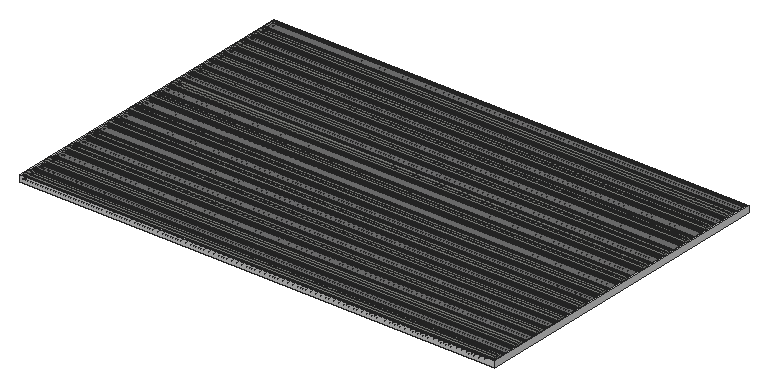
Revit family "Flooring_Entrance_Fuma_TopCleanTrend-With-Ribbed-Carpet-And-Cassette-Brush_INT", category Allgemeines Modell, Revit 2018
Family settings
  Kann Basisbauteil für Bewehrung sein = Nein
  Bemaßung runder Anschluss = Durchmesser verwenden
  Teiletyp = Normal
  Arbeitsebenenbasiert = Nein
  Immer vertikal = Ja
  Beim Laden mit Abzugskörper schneiden = Nein
  Gemeinsam genutzt = Nein
  Raumberechnungspunkt = Nein
Parameters (values of type "Thickness 10 mm")
  Width of the frame profile = (Profile width + Distance between profiles 4 6 or 8mm) / 2  # 16.5 mm
  Width of the carpet = 800 mm
  Width of the actual carpet = if(Width of the carpet < Minimum Width RFA, Minimum Width RFA, if(Width of the carpet > Maximum Width RFA, Maximum Width RFA, Width of the carpet))  # 800 mm
  Thin deniers = no
  Thickness of the frame profile = 3 mm  # constant formula
  Thickness of the carpet = 10 mm
  Telephone = " +49 7248 450 73 0\r\n"  # constant formula
  Technical data link = "https://www.fuma.com/produkte/eingangsmatten/aluprofilmatten/top-clean-trend"
  Start of brush = Adjusted repetition / 2  # 33.267 mm
  Rubber = Rubber - Fuma - Black
  Ribbed Carpet = Polypropylene - Fuma - Ribbed Carpet
  Profile width = 27 mm
  ProductInformation = "Recommended for fully covered entrance areas in commercial or residential use where excellent absorption of moisture and removal of dirt is of prime importance. Made to measure, rollable and easy to clean"
  Product avaibility = "worldwide"  # constant formula
  Number of actual profiles = rounddown(Width of the actual carpet / Attempted repetition)  # 12
  Model number = "12225 RP"
  Minimum Width RFA = 300 mm  # constant formula
  Minimum Length RFA = 300 mm  # constant formula
  Maximum Width RFA = 10000 mm  # constant formula
  Maximum Length RFA = 10000 mm  # constant formula
  Maximal Load = "3.000 kg"
  Manufacturer Country = "Germany"  # constant formula
  Length of the carpet = 1200 mm
  Large Deniers = yes
  Frame height = 15 mm
  Frame Material = "aluminium or stainless steel"
  Edition number = 1
  Distance of profile = 10.2 mm
  Distance between profiles 4 6 or 8mm = 6 mm
  Distance adjustment = (Width of the actual carpet - (Number of actual profiles * Attempted repetition)) / Number of actual profiles * 0.8  # 0.533 mm
  Depth of carpet = 2.8 mm
  Color = "Colours Ribbed Carpet: - 010 anthracite - 020 light-grey  - 030 mottled-beige - 040 mottled-blue - special colours on inquiry - Colours Cassette Brush: - black - grey"
  Cassette Brush = Polyamide - Fuma - Cassette Brush
  URL = "https://www.fuma.com/"
  Type Comments = ""
  Modell = "TopCleanTrend® with Ribbed Carpet and Cassette Brush"
  Hersteller = "fuma Hauszubehör GmbH"  # constant formula
  Profile = Aluminum - Fuma - Grey
  E-mail = "info@fuma.com"  # constant formula
  Description = ""
  Attempted repetition = 2 * (Profile width + Distance between profiles 4 6 or 8mm)  # 66 mm
  Adjusted repetition = Attempted repetition + Distance adjustment  # 66.533 mm
  Address = "Reutäckerstraße 9, 76307 Karlsbad, DE"  # constant formula
  Actual width = Number of actual profiles * Adjusted repetition + 2 mm  # 800.4 mm
  Actual length = Actual carpet length - (Thickness of the frame profile + 2 mm) * 2  # 1190 mm
  Actual carpet length = if(Length of the carpet < Minimum Length RFA, Minimum Length RFA, if(Length of the carpet > Maximum Length RFA, Maximum Length RFA, Length of the carpet))  # 1200 mm
Types (4, lengths in mm): name | Thickness of the carpet | Frame height | Edition number | Distance of profile | Depth of carpet
  Thickness 27 mm | 27 | 30 | 2 | 23 | 5
  Thickness 22 mm | 22 | 25 | 1 | 18 | 5
  Thickness 10 mm | 10 | 15 | 1 | 10.2 | 2.8
  Thickness 17 mm | 17 | 20 | 1 | 13.5 | 3
Reference planes
  plane 1 "Center (Front/Back)": y = 0
  plane 2: z = 0
  plane 3 "Center (Left/Right)": x = 0
  plane 4: y = 800
  plane 5: x = 1200
Forms (mm)
  Sweep 1, solid, material "Aluminum - Fuma - Grey" <- "Profile"
    path origin (0, 0, 0) x (1, 0, 0) y (0, 1, 0)
      loop
        line (0, 800) -> (0, 0) -> (1200, 0) -> (1200, 800) -> (0, 800)
    profile origin (600, 800, 0) x (0, 1, 0) y (0, 0, 1)
      loop
        line (0, -3) -> (0, 12) -> (-3, 12) -> (-3, 0) -> (-16.5, 0) -> (-16.5, -3) -> (0, -3)
Dimensions and locks
  equal spacing: group 1, group 2, group 3, group 4, group 9, group 10, group 11, group 12, group 13, group 14, group 15, group 16  (x3)
  "Actual carpet length": plane 5 to plane 3 "Center (Left/Right)"
  "Width of the actual carpet": plane 4 to plane 1 "Center (Front/Back)"
  "Thickness of the frame profile": Sweep 1 sketch curve to Sweep 1 sketch curve  (x2)
  "Frame height": Sweep 1 sketch curve to Sweep 1 sketch curve
  "Width of the frame profile": Sweep 1 sketch curve to Sweep 1 sketch curve
  locked: plane 1 "Center (Front/Back)" to nested 1 at 4
  "Adjusted repetition": nested 1 to nested 2
  equal spacing: group 5, group 6, group 7, group 8, group 17, group 18, group 19, group 20, group 21, group 22, group 23, group 24  (x3)
  "Adjusted repetition": nested 6 to nested 5
  "Start of brush": nested 5 to nested 1
  aligned and locked: Sweep 1 sketch curve to plane 5
  aligned and locked: plane 3 "Center (Left/Right)" to Sweep 1 sketch curve
  aligned and locked: Sweep 1 sketch curve to plane 4
  aligned and locked: Sweep 1 sketch curve to plane 1 "Center (Front/Back)"
Automatic sketch dimensions
  Sweep 1 sketch curve to level = 0 mm
  Sweep 1 sketch curve to profile plane = 0 mm
Nested families
  nested 1: "Ribbed Carpet" at (4, 17.472, 0), type "Ribbed Carpet"
  nested 2: "Ribbed Carpet" at (4, 84.005, 0), type "Ribbed Carpet"
  nested 3: "Ribbed Carpet" at (4, 150.539, 0), type "Ribbed Carpet"
  nested 4: "Ribbed Carpet" at (4, 217.072, 0), type "Ribbed Carpet"
  nested 5: "Cassette Brush" at (4, 50.739, 0), type "Cassette Brush"
  nested 6: "Cassette Brush" at (4, 117.272, 0), type "Cassette Brush"
  nested 7: "Cassette Brush" at (4, 183.805, 0), type "Cassette Brush"
  nested 8: "Cassette Brush" at (4, 250.339, 0), type "Cassette Brush"
  nested 9: "Ribbed Carpet" at (4, 283.605, 0), type "Ribbed Carpet"
  nested 10: "Ribbed Carpet" at (4, 350.139, 0), type "Ribbed Carpet"
  nested 11: "Ribbed Carpet" at (4, 416.672, 0), type "Ribbed Carpet"
  nested 12: "Ribbed Carpet" at (4, 483.205, 0), type "Ribbed Carpet"
  nested 13: "Ribbed Carpet" at (4, 549.739, 0), type "Ribbed Carpet"
  nested 14: "Ribbed Carpet" at (4, 616.272, 0), type "Ribbed Carpet"
  nested 15: "Ribbed Carpet" at (4, 682.805, 0), type "Ribbed Carpet"
  nested 16: "Ribbed Carpet" at (4, 749.339, 0), type "Ribbed Carpet"
  nested 17: "Cassette Brush" at (4, 316.872, 0), type "Cassette Brush"
  nested 18: "Cassette Brush" at (4, 383.405, 0), type "Cassette Brush"
  nested 19: "Cassette Brush" at (4, 449.939, 0), type "Cassette Brush"
  nested 20: "Cassette Brush" at (4, 516.472, 0), type "Cassette Brush"
  nested 21: "Cassette Brush" at (4, 583.005, 0), type "Cassette Brush"
  nested 22: "Cassette Brush" at (4, 649.539, 0), type "Cassette Brush"
  nested 23: "Cassette Brush" at (4, 716.072, 0), type "Cassette Brush"
  nested 24: "Cassette Brush" at (4, 782.605, 0), type "Cassette Brush"
Definition of nested family "Ribbed Carpet"
  Parameters (values of type "Top Clean Profile")
    Trend 42 = Hauteur = 42 mm  # no
    Trend 27 = Hauteur = 27 mm  # no
    Trend 22 = Hauteur = 22 mm  # no
    Trend 17 = Hauteur = 17 mm  # no
    Trend 13 = Hauteur = 13 mm  # no
    Trend 10 = Hauteur = 10 mm  # yes
    URL = "https://www.geggus.fr/"
    Profondeur Tapis = 2.8 mm
    Model = "Top Clean TREND®"
    Manufacturer = "Geggus"
    Longueur = 1190 mm
    Profile = none
    Hauteur = 10 mm
    Gros deniers = yes
    Fins deniers = no
    Distance profil = 10.2 mm
    Caoutchouc = none
    Brosse = none
  Reference planes
    plane 1 "Center (Front/Back)": y = 0
    plane 2: z = 0
    plane 3 "Center (Left/Right)": x = 0
    plane 4: z = 10.2
    plane 5: z = 7.4
    plane 6: z = 7.4
    plane 7: z = 10.2
  Forms (mm)
    Extrusion 1, solid, material <- "Profile", visible <- "Trend 17"
      sketch origin (0, 0, 0) x (0, 1, 0) y (0, 0, 1)
        loop
          line (12.528, 9.5) -> (-12.472, 9.5) -> (-12.472, 6.7) -> (12.528, 6.7) -> (12.528, 9.5)
        loop
          line (12.028, 10.5) -> (-11.972, 10.5) -> (-11.972, 13.5) -> (-10.982, 13.5) -> (-10.982, 14.5) -> (-13.472, 14.5) -> (-13.472, 2) -> (-11.175, 2) -> (-11.175, 3) -> (-12.472, 3) -> (-12.472, 5.5) -> (-7.372, 5.5) -> (-7.372, 3) -> (-8.681, 3) -> (-8.681, 2) -> (-6.372, 2) -> (-6.372, 5.5) -> (6.428, 5.5) -> (6.428, 2) -> (8.737, 2) -> (8.737, 3) -> (7.428, 3) -> (7.428, 5.5) -> (12.528, 5.5) -> (12.528, 3) -> (11.231, 3) -> (11.231, 2) -> (13.528, 2) -> (13.528, 14.5) -> (11.038, 14.5) -> (11.038, 13.5) -> (12.028, 13.5) -> (12.028, 10.5)
      from 0 to 1190 <- "Longueur"
    Extrusion 2, solid, material <- "Caoutchouc"
      sketch origin (0, -9.881, 7.713) x (0, -1, 0) y (0, 0, -1)
        loop
          line (1.319, 5.713) -> (2.983, 5.713)
          arc (2.983, 5.713) -> (3.327, 5.932) -> (3.274, 6.337) r 0.38
          line (3.274, 6.337) -> (2.119, 7.713) -> (-1.881, 7.713) -> (-3.035, 6.337)
          arc (-3.035, 6.337) -> (-3.088, 5.932) -> (-2.744, 5.713) r 0.38
          line (-2.744, 5.713) -> (-1.081, 5.713) -> (-1.081, 4.76) -> (-1.866, 4.377)
          arc (-1.866, 4.377) -> (-2.114, 3.98) -> (-1.866, 3.583) r 0.442
          line (-1.866, 3.583) -> (-0.765, 3.046)
          arc (-0.765, 3.046) -> (0.119, 2.842) -> (1.004, 3.046) r 2.019
          line (1.004, 3.046) -> (2.105, 3.583)
          arc (2.105, 3.583) -> (2.353, 3.98) -> (2.105, 4.377) r 0.442
          line (2.105, 4.377) -> (1.319, 4.76) -> (1.319, 5.713)
        loop
          line (-21.081, 5.713) -> (-21.081, 4.76) -> (-21.866, 4.377)
          arc (-21.866, 4.377) -> (-22.114, 3.98) -> (-21.866, 3.583) r 0.442
          line (-21.866, 3.583) -> (-20.765, 3.046)
          arc (-20.765, 3.046) -> (-19.881, 2.842) -> (-18.996, 3.046) r 2.019
          line (-18.996, 3.046) -> (-17.895, 3.583)
          arc (-17.895, 3.583) -> (-17.647, 3.98) -> (-17.895, 4.377) r 0.442
          line (-17.895, 4.377) -> (-18.681, 4.76) -> (-18.681, 5.713) -> (-17.017, 5.713)
          arc (-17.017, 5.713) -> (-16.673, 5.932) -> (-16.726, 6.337) r 0.38
          line (-16.726, 6.337) -> (-17.881, 7.713) -> (-21.881, 7.713) -> (-23.035, 6.337)
          arc (-23.035, 6.337) -> (-23.088, 5.932) -> (-22.744, 5.713) r 0.38
          line (-22.744, 5.713) -> (-21.081, 5.713)
      from 0 to 1190 <- "Longueur"
    Extrusion 3, solid, material <- "Brosse", visible <- "Gros deniers"
      sketch origin (0, 0.264, 37.152) x (0, 1, 0) y (0, 0, 1)
        loop
          arc (11.75, -27.533) -> (11.58, -27.122) -> (11.169, -26.952) r 0.581
          line (11.169, -26.952) -> (9.75, -26.952) -> (9.992, -26.206)
          arc (9.992, -26.206) -> (7.6, -22.913) -> (5.208, -26.206) r 2.516
          line (5.208, -26.206) -> (5.45, -26.952) -> (1.89, -26.952) -> (2.132, -26.206)
          arc (2.132, -26.206) -> (-0.26, -22.913) -> (-2.652, -26.206) r 2.516
          line (-2.652, -26.206) -> (-2.41, -26.952) -> (-5.95, -26.952) -> (-5.708, -26.206)
          arc (-5.708, -26.206) -> (-8.1, -22.913) -> (-10.492, -26.206) r 2.516
          line (-10.492, -26.206) -> (-10.25, -26.952) -> (-11.607, -26.952)
          arc (-11.607, -26.952) -> (-12.062, -27.14) -> (-12.25, -27.595) r 0.643
          line (-12.25, -27.595) -> (-12.25, -29.149)
          arc (-12.25, -29.149) -> (-12.073, -29.576) -> (-11.647, -29.752) r 0.603
          line (-11.647, -29.752) -> (11.12, -29.752)
          arc (11.12, -29.752) -> (11.566, -29.568) -> (11.75, -29.122) r 0.63
          line (11.75, -29.122) -> (11.75, -27.533)
      from 0 to 1190 <- "Longueur"
    Extrusion 4, solid, material <- "Brosse", visible <- "Fins deniers"
      sketch origin (0, 0.014, 25.086) x (0, 1, 0) y (0, 0, 1)
        loop
          line (11.75, -14.886) -> (10.022, -14.886) -> (10.288, -13.376)
          arc (10.288, -13.376) -> (8.35, -10.881) -> (6.412, -13.376) r 2
          line (6.412, -13.376) -> (6.678, -14.886) -> (4.472, -14.886) -> (4.738, -13.376)
          arc (4.738, -13.376) -> (2.8, -10.881) -> (0.862, -13.376) r 2
          line (0.862, -13.376) -> (1.128, -14.886) -> (-1.128, -14.886) -> (-0.862, -13.376)
          arc (-0.862, -13.376) -> (-2.8, -10.881) -> (-4.738, -13.376) r 2
          line (-4.738, -13.376) -> (-4.472, -14.886) -> (-6.678, -14.886) -> (-6.412, -13.376)
          arc (-6.412, -13.376) -> (-8.35, -10.881) -> (-10.288, -13.376) r 2
          line (-10.288, -13.376) -> (-10.022, -14.886) -> (-11.75, -14.886) -> (-11.75, -17.686) -> (11.75, -17.686) -> (11.75, -14.886)
      from 0 to 1190 <- "Longueur"
    Extrusion 5, solid, material <- "Profile", visible <- "Trend 22"
      sketch origin (0, 0.25, 15.623) x (0, 1, 0) y (0, 0, 1)
        loop
          line (8.549, -13.623) -> (8.549, -12.67) -> (7.498, -12.67) -> (7.498, -9.628) -> (12.25, -9.628) -> (12.25, -12.67) -> (10.95, -12.67) -> (10.95, -13.623) -> (12.563, -13.623)
          arc (12.563, -13.623) -> (13.049, -13.422) -> (13.25, -12.937) r 0.687
          line (13.25, -12.937) -> (13.25, 3.375) -> (13, 2.442) -> (12.75, 3.375) -> (12.508, 2.472) -> (12.249, 3.374) -> (12, 2.504) -> (11.75, 3.375)
          arc (11.75, 3.375) -> (11.003, 2.872) -> (11.75, 2.37) r 0.542
          line (11.75, 2.37) -> (11.75, -2.619) -> (-12.25, -2.619) -> (-12.25, 2.37)
          arc (-12.25, 2.37) -> (-11.503, 2.872) -> (-12.25, 3.375) r 0.542
          line (-12.25, 3.375) -> (-12.5, 2.504) -> (-12.749, 3.374) -> (-13.008, 2.472) -> (-13.25, 3.375) -> (-13.5, 2.442) -> (-13.75, 3.375) -> (-13.75, -12.937)
          arc (-13.75, -12.937) -> (-13.549, -13.422) -> (-13.063, -13.623) r 0.687
          line (-13.063, -13.623) -> (-11.45, -13.623) -> (-11.45, -12.67) -> (-12.75, -12.67) -> (-12.75, -9.628) -> (-7.998, -9.628) -> (-7.998, -12.67) -> (-9.049, -12.67) -> (-9.049, -13.623) -> (-6.75, -13.623) -> (-6.75, -9.628) -> (6.25, -9.628) -> (6.25, -13.623) -> (8.549, -13.623)
        loop
          arc (11.684, -8.63) -> (12.084, -8.464) -> (12.25, -8.063) r 0.566
          line (12.25, -8.063) -> (12.25, -4.232)
          arc (12.25, -4.232) -> (12.074, -3.807) -> (11.65, -3.632) r 0.6
          line (11.65, -3.632) -> (-12.19, -3.632)
          arc (-12.19, -3.632) -> (-12.586, -3.796) -> (-12.75, -4.191) r 0.56
          line (-12.75, -4.191) -> (-12.75, -8.023)
          arc (-12.75, -8.023) -> (-12.572, -8.452) -> (-12.144, -8.63) r 0.606
          line (-12.144, -8.63) -> (11.684, -8.63)
      from 0 to 1190 <- "Longueur"
    Extrusion 6, solid, material <- "Profile", visible <- "Trend 27"
      sketch origin (0, -0.028, 0) x (0, 1, 0) y (0, 0, 1)
        loop
          line (11.028, 16.864) -> (-10.972, 16.864)
          arc (-10.972, 16.864) -> (-11.679, 16.571) -> (-11.972, 15.864) r 1
          line (-11.972, 15.864) -> (-11.972, 8.201)
          arc (-11.972, 8.201) -> (-11.679, 7.494) -> (-10.972, 7.201) r 1
          line (-10.972, 7.201) -> (11.028, 7.201)
          arc (11.028, 7.201) -> (11.735, 7.494) -> (12.028, 8.201) r 1
          line (12.028, 8.201) -> (12.028, 15.864)
          arc (12.028, 15.864) -> (11.735, 16.571) -> (11.028, 16.864) r 1
        loop
          line (12.028, 18.021) -> (-11.972, 18.021) -> (-11.972, 23.003) -> (-10.982, 23.003) -> (-10.982, 24.003) -> (-13.472, 24.003) -> (-13.472, 2) -> (-11.175, 2) -> (-11.175, 3) -> (-12.472, 3) -> (-12.472, 5.966) -> (-7.372, 5.966) -> (-7.372, 3) -> (-8.681, 3) -> (-8.681, 2) -> (-6.372, 2) -> (-6.372, 5.966) -> (6.428, 5.966) -> (6.428, 2) -> (8.737, 2) -> (8.737, 3) -> (7.428, 3) -> (7.428, 5.966) -> (12.528, 5.966) -> (12.528, 3) -> (11.231, 3) -> (11.231, 2) -> (13.528, 2) -> (13.528, 24.003) -> (11.038, 24.003) -> (11.038, 23.003) -> (12.028, 23.003) -> (12.028, 18.021)
      from 0 to 1190 <- "Longueur"
    Extrusion 7, solid, material <- "Profile", visible <- "Trend 10"
      sketch origin (0, 0, 8.025) x (0, 1, 0) y (0, 0, 1)
        loop
          line (8.804, -6.025) -> (8.804, -5.072) -> (7.498, -5.072) -> (7.498, -2.031) -> (12.498, -2.031) -> (12.498, -5.072) -> (11.204, -5.072) -> (11.204, -6.025) -> (12.626, -6.025)
          arc (12.626, -6.025) -> (13.263, -5.761) -> (13.527, -5.124) r 0.902
          line (13.527, -5.124) -> (13.527, 2.339)
          arc (13.527, 2.339) -> (13.624, 2.92) -> (13.25, 3.375) r 0.711
          line (13.25, 3.375) -> (13, 2.442) -> (12.75, 3.375) -> (12.508, 2.472) -> (12.249, 3.374) -> (12, 2.504) -> (11.75, 3.375)
          arc (11.75, 3.375) -> (11.003, 2.872) -> (11.75, 2.37) r 0.542
          line (11.75, 2.37) -> (11.75, -0.638) -> (-11.75, -0.638) -> (-11.75, 2.37)
          arc (-11.75, 2.37) -> (-11.003, 2.872) -> (-11.75, 3.375) r 0.542
          line (-11.75, 3.375) -> (-12, 2.504) -> (-12.249, 3.374) -> (-12.508, 2.472) -> (-12.75, 3.375) -> (-13, 2.442) -> (-13.25, 3.375)
          arc (-13.25, 3.375) -> (-13.624, 2.92) -> (-13.527, 2.339) r 0.711
          line (-13.527, 2.339) -> (-13.527, -5.124)
          arc (-13.527, -5.124) -> (-13.263, -5.761) -> (-12.626, -6.025) r 0.902
          line (-12.626, -6.025) -> (-11.204, -6.025) -> (-11.204, -5.072) -> (-12.498, -5.072) -> (-12.498, -2.031) -> (-7.498, -2.031) -> (-7.498, -5.072) -> (-8.804, -5.072) -> (-8.804, -6.025) -> (8.804, -6.025)
        loop
          line (-5.764, -5.072) -> (5.764, -5.072)
          arc (5.764, -5.072) -> (6.289, -4.855) -> (6.506, -4.329) r 0.743
          line (6.506, -4.329) -> (6.506, -2.723)
          arc (6.506, -2.723) -> (6.303, -2.233) -> (5.814, -2.031) r 0.692
          line (5.814, -2.031) -> (-5.814, -2.031)
          arc (-5.814, -2.031) -> (-6.303, -2.233) -> (-6.506, -2.723) r 0.692
          line (-6.506, -2.723) -> (-6.506, -4.329)
          arc (-6.506, -4.329) -> (-6.289, -4.855) -> (-5.764, -5.072) r 0.743
      from 0 to 1190 <- "Longueur"
  Dimensions and locks
    "Profondeur Tapis": plane 5 to plane 4
    "Distance profil": level to plane 4
    "Profondeur Tapis": plane 6 to plane 7
    "Distance profil": plane 7 to level
    aligned and locked: plane 4 to Extrusion 4 sketch curve
    aligned and locked: Extrusion 4 sketch curve to Extrusion 4 sketch curve  (x4)
    aligned and locked: plane 6 to Extrusion 3 sketch curve
    aligned and locked: plane 7 to Extrusion 3 sketch curve
    aligned and locked: Extrusion 3 sketch curve to Extrusion 3 sketch curve  (x3)
  Automatic sketch dimensions
    plane 1 "Center (Front/Back)" to Extrusion 1 sketch curve = 13.472 mm
    Extrusion 1 sketch curve to Extrusion 1 sketch curve = 1 mm  (x12)
    Extrusion 1 sketch curve to Extrusion 1 sketch curve = 0.5 mm  (x2)
    Extrusion 1 sketch curve to Extrusion 1 sketch curve = 1.297 mm
    Extrusion 1 sketch curve to Extrusion 1 sketch curve = 0.99 mm  (x2)
    Extrusion 1 sketch curve to Extrusion 1 sketch curve = 2.495 mm  (x2)
    Extrusion 1 sketch curve to Extrusion 1 sketch curve = 1.309 mm  (x2)
    level to Extrusion 1 sketch curve = 2 mm  (x4)
    Extrusion 1 sketch curve to plane 1 "Center (Front/Back)" = 6.428 mm
    Extrusion 1 sketch curve to Extrusion 1 sketch curve = 3.61 mm
    Extrusion 1 sketch curve to Extrusion 1 sketch curve = 0 mm  (x3)
    Extrusion 1 sketch curve to Extrusion 1 sketch curve = 2.5 mm
    Extrusion 1 sketch curve to Extrusion 1 sketch curve = 1.2 mm
    Extrusion 1 sketch curve to Extrusion 1 sketch curve = 2.8 mm
    Extrusion 1 sketch curve to Extrusion 1 sketch curve = 3 mm  (x2)
    Extrusion 2 sketch curve to level = 0 mm  (x2)
    level to Extrusion 2 sketch curve = 1.376 mm  (x4)
    Extrusion 2 sketch curve to plane 1 "Center (Front/Back)" = 13.155 mm
    Extrusion 2 sketch curve to Extrusion 2 sketch curve = 0.291 mm  (x4)
    Extrusion 2 sketch curve to Extrusion 2 sketch curve = 1.155 mm  (x2)
    level to Extrusion 2 sketch curve = 4.13 mm  (x3)
    Extrusion 2 sketch curve to Extrusion 2 sketch curve = 0.878 mm  (x3)
    Extrusion 2 sketch curve to Extrusion 2 sketch curve = 0.194 mm  (x7)
    Extrusion 2 sketch curve to Extrusion 2 sketch curve = 0.592 mm  (x3)
    level to Extrusion 2 sketch curve = 4.667 mm  (x3)
    Extrusion 2 sketch curve to Extrusion 2 sketch curve = 1.1 mm  (x2)
    Extrusion 2 sketch curve to Extrusion 2 sketch curve = 1.2 mm  (x4)
    level to Extrusion 2 sketch curve = 2.953 mm  (x2)
    level to Extrusion 2 sketch curve = 3.336 mm  (x4)
    Extrusion 2 sketch curve to Extrusion 2 sketch curve = 0.8 mm  (x2)
    plane 1 "Center (Front/Back)" to Extrusion 2 sketch curve = 6.845 mm
    Extrusion 2 sketch curve to Extrusion 2 sketch curve = 0 mm
    Extrusion 2 sketch curve to Extrusion 2 sketch curve = 0.785 mm
    Extrusion 2 sketch curve to Extrusion 2 sketch curve = 1.77 mm
    Extrusion 2 sketch curve to Extrusion 2 sketch curve = 1.664 mm
    Extrusion 2 sketch curve to Extrusion 2 sketch curve = 0.794 mm
    Extrusion 2 sketch curve to Extrusion 2 sketch curve = 0.397 mm  (x2)
    Extrusion 2 sketch curve to Extrusion 2 sketch curve = 0.78 mm  (x2)
    Extrusion 2 sketch curve to Extrusion 2 sketch curve = 0.101 mm  (x2)
    Extrusion 2 sketch curve to Extrusion 2 sketch curve = 0.953 mm  (x3)
    Extrusion 2 sketch curve to Extrusion 2 sketch curve = 0.624 mm
    plane 1 "Center (Front/Back)" to Extrusion 5 sketch curve = 13.5 mm
    Extrusion 5 sketch curve to Extrusion 5 sketch curve = 0.25 mm  (x2)
    Extrusion 5 sketch curve to Extrusion 5 sketch curve = 0.5 mm  (x3)
    Extrusion 5 sketch curve to Extrusion 5 sketch curve = 0.687 mm
    Extrusion 5 sketch curve to Extrusion 5 sketch curve = 0.492 mm  (x2)
    Extrusion 5 sketch curve to Extrusion 5 sketch curve = 0.258 mm
    Extrusion 5 sketch curve to Extrusion 5 sketch curve = 0.313 mm  (x2)
    Extrusion 5 sketch curve to Extrusion 5 sketch curve = 0.501 mm  (x2)
    Extrusion 5 sketch curve to Extrusion 5 sketch curve = 0.508 mm  (x2)
    Extrusion 5 sketch curve to Extrusion 5 sketch curve = 0.499 mm  (x2)
    Extrusion 5 sketch curve to Extrusion 5 sketch curve = 0.56 mm
    Extrusion 5 sketch curve to Extrusion 5 sketch curve = 0.606 mm
    Extrusion 5 sketch curve to Extrusion 5 sketch curve = 0.205 mm  (x2)
    Extrusion 5 sketch curve to Extrusion 5 sketch curve = 1.3 mm  (x2)
    Extrusion 5 sketch curve to Extrusion 5 sketch curve = 2.401 mm  (x2)
    Extrusion 5 sketch curve to Extrusion 5 sketch curve = 1.051 mm  (x2)
    Extrusion 5 sketch curve to Extrusion 5 sketch curve = 1.248 mm  (x2)
    Extrusion 5 sketch curve to plane 1 "Center (Front/Back)" = 6.5 mm
    Extrusion 5 sketch curve to plane 1 "Center (Front/Back)" = 11.795 mm
    Extrusion 5 sketch curve to Extrusion 5 sketch curve = 0.105 mm
    Extrusion 5 sketch curve to Extrusion 5 sketch curve = 0.034 mm
    Extrusion 5 sketch curve to Extrusion 5 sketch curve = 0.1 mm
    Extrusion 5 sketch curve to Extrusion 5 sketch curve = 0.6 mm
    level to Extrusion 5 sketch curve = 2 mm
    Extrusion 5 sketch curve to Extrusion 5 sketch curve = 0 mm  (x6)
    Extrusion 5 sketch curve to Extrusion 5 sketch curve = 0.953 mm  (x3)
    Extrusion 5 sketch curve to Extrusion 5 sketch curve = 0.267 mm
    Extrusion 5 sketch curve to Extrusion 5 sketch curve = 3.042 mm  (x2)
    Extrusion 5 sketch curve to Extrusion 5 sketch curve = 0.999 mm
    Extrusion 5 sketch curve to Extrusion 5 sketch curve = 3.832 mm
    Extrusion 5 sketch curve to Extrusion 5 sketch curve = 1.013 mm
    Extrusion 5 sketch curve to Extrusion 5 sketch curve = 4.989 mm  (x2)
    Extrusion 5 sketch curve to Extrusion 5 sketch curve = 0.071 mm  (x2)
    Extrusion 5 sketch curve to Extrusion 5 sketch curve = 0.03 mm  (x2)
    Extrusion 5 sketch curve to Extrusion 5 sketch curve = 0.133 mm  (x2)
    Extrusion 5 sketch curve to Extrusion 5 sketch curve = 0.502 mm  (x2)
    Extrusion 5 sketch curve to Extrusion 5 sketch curve = 0.001 mm  (x3)
    Extrusion 5 sketch curve to Extrusion 5 sketch curve = 0.933 mm
    plane 1 "Center (Front/Back)" to Extrusion 6 sketch curve = 13.5 mm
    Extrusion 6 sketch curve to Extrusion 6 sketch curve = 1 mm  (x13)
    Extrusion 6 sketch curve to Extrusion 6 sketch curve = 0.5 mm
    Extrusion 6 sketch curve to Extrusion 6 sketch curve = 0 mm  (x7)
    Extrusion 6 sketch curve to Extrusion 6 sketch curve = 1.297 mm
    Extrusion 6 sketch curve to Extrusion 6 sketch curve = 0.99 mm  (x2)
    Extrusion 6 sketch curve to Extrusion 6 sketch curve = 2.495 mm  (x2)
    Extrusion 6 sketch curve to Extrusion 6 sketch curve = 1.309 mm  (x2)
    Extrusion 6 sketch curve to Extrusion 6 sketch curve = 12.8 mm
    Extrusion 6 sketch curve to Extrusion 6 sketch curve = 3.6 mm
    Extrusion 6 sketch curve to Extrusion 6 sketch curve = 0.01 mm
    Extrusion 6 sketch curve to Extrusion 6 sketch curve = 1.5 mm
    level to Extrusion 6 sketch curve = 2 mm
    Extrusion 6 sketch curve to Extrusion 6 sketch curve = 2.966 mm
    Extrusion 6 sketch curve to Extrusion 6 sketch curve = 1.236 mm
    Extrusion 6 sketch curve to Extrusion 6 sketch curve = 7.663 mm
    Extrusion 6 sketch curve to Extrusion 6 sketch curve = 1.157 mm
    Extrusion 6 sketch curve to Extrusion 6 sketch curve = 4.982 mm  (x2)
    level to Extrusion 7 sketch curve = 2.902 mm
    plane 1 "Center (Front/Back)" to Extrusion 7 sketch curve = 13.527 mm
    Extrusion 7 sketch curve to Extrusion 7 sketch curve = 0.277 mm
    Extrusion 7 sketch curve to Extrusion 7 sketch curve = 0.527 mm
    Extrusion 7 sketch curve to Extrusion 7 sketch curve = 0.062 mm  (x2)
    Extrusion 7 sketch curve to Extrusion 7 sketch curve = 0.5 mm  (x2)
    Extrusion 7 sketch curve to Extrusion 7 sketch curve = 0.902 mm  (x2)
    Extrusion 7 sketch curve to Extrusion 7 sketch curve = 0.492 mm
    Extrusion 7 sketch curve to Extrusion 7 sketch curve = 0.128 mm  (x2)
    Extrusion 7 sketch curve to Extrusion 7 sketch curve = 0.501 mm  (x2)
    Extrusion 7 sketch curve to Extrusion 7 sketch curve = 0.508 mm  (x2)
    Extrusion 7 sketch curve to Extrusion 7 sketch curve = 0.748 mm
    Extrusion 7 sketch curve to Extrusion 7 sketch curve = 0.499 mm  (x2)
    Extrusion 7 sketch curve to Extrusion 7 sketch curve = 0.205 mm  (x3)
    Extrusion 7 sketch curve to Extrusion 7 sketch curve = 1.422 mm
    Extrusion 7 sketch curve to Extrusion 7 sketch curve = 2.4 mm  (x2)
    Extrusion 7 sketch curve to Extrusion 7 sketch curve = 1.306 mm  (x2)
    Extrusion 7 sketch curve to Extrusion 7 sketch curve = 0.992 mm  (x2)
    Extrusion 7 sketch curve to Extrusion 7 sketch curve = 0.692 mm  (x2)
    Extrusion 7 sketch curve to Extrusion 7 sketch curve = 0.743 mm  (x3)
    Extrusion 7 sketch curve to plane 1 "Center (Front/Back)" = 5.764 mm
    Extrusion 7 sketch curve to Extrusion 7 sketch curve = 0.05 mm
    Extrusion 7 sketch curve to Extrusion 7 sketch curve = 4.047 mm
    Extrusion 7 sketch curve to Extrusion 7 sketch curve = 0.25 mm
    Extrusion 7 sketch curve to Extrusion 7 sketch curve = 1.294 mm
    Extrusion 7 sketch curve to Extrusion 7 sketch curve = 0.43 mm
    level to Extrusion 7 sketch curve = 2 mm  (x2)
    Extrusion 7 sketch curve to Extrusion 7 sketch curve = 0.953 mm  (x3)
    level to Extrusion 7 sketch curve = 2.953 mm
    Extrusion 7 sketch curve to Extrusion 7 sketch curve = 1.606 mm
    Extrusion 7 sketch curve to Extrusion 7 sketch curve = 3.042 mm
    Extrusion 7 sketch curve to Extrusion 7 sketch curve = 1.393 mm
    Extrusion 7 sketch curve to Extrusion 7 sketch curve = 2.977 mm  (x2)
    Extrusion 7 sketch curve to Extrusion 7 sketch curve = 0.031 mm  (x2)
    Extrusion 7 sketch curve to Extrusion 7 sketch curve = 0.102 mm  (x2)
    Extrusion 7 sketch curve to Extrusion 7 sketch curve = 0.03 mm  (x2)
    Extrusion 7 sketch curve to Extrusion 7 sketch curve = 0.133 mm  (x2)
    Extrusion 7 sketch curve to Extrusion 7 sketch curve = 0.295 mm  (x2)
    Extrusion 7 sketch curve to Extrusion 7 sketch curve = 0.502 mm  (x2)
    Extrusion 7 sketch curve to Extrusion 7 sketch curve = 0.001 mm  (x2)
    Extrusion 7 sketch curve to Extrusion 7 sketch curve = 0 mm  (x2)
    plane 7 to Extrusion 3 sketch curve = 0.643 mm
    plane 1 "Center (Front/Back)" to Extrusion 3 sketch curve = 11.986 mm
    Extrusion 3 sketch curve to Extrusion 3 sketch curve = 0.603 mm
    Extrusion 3 sketch curve to plane 7 = 0.746 mm  (x6)
    Extrusion 3 sketch curve to Extrusion 3 sketch curve = 1.115 mm
    Extrusion 3 sketch curve to Extrusion 3 sketch curve = 0.242 mm  (x3)
    Extrusion 3 sketch curve to Extrusion 3 sketch curve = 2.392 mm  (x2)
    Extrusion 3 sketch curve to Extrusion 3 sketch curve = 2.15 mm  (x2)
    plane 1 "Center (Front/Back)" to Extrusion 3 sketch curve = 2.389 mm
    Extrusion 3 sketch curve to plane 1 "Center (Front/Back)" = 0.003 mm
    Extrusion 3 sketch curve to plane 1 "Center (Front/Back)" = 2.153 mm
    Extrusion 3 sketch curve to Extrusion 3 sketch curve = 3.075 mm
    Extrusion 3 sketch curve to Extrusion 3 sketch curve = 1.37 mm
    plane 7 to Extrusion 3 sketch curve = 0.581 mm
    Extrusion 3 sketch curve to Extrusion 3 sketch curve = 1.419 mm
    Extrusion 3 sketch curve to plane 7 = 1.524 mm  (x3)
    Extrusion 4 sketch curve to plane 5 = 0 mm
    plane 1 "Center (Front/Back)" to Extrusion 4 sketch curve = 11.736 mm
    Extrusion 4 sketch curve to plane 4 = 1.509 mm  (x6)
    Extrusion 4 sketch curve to Extrusion 4 sketch curve = 1.462 mm
    Extrusion 4 sketch curve to Extrusion 4 sketch curve = 0.266 mm  (x4)
    Extrusion 4 sketch curve to Extrusion 4 sketch curve = 1.938 mm  (x4)
    Extrusion 4 sketch curve to Extrusion 4 sketch curve = 1.672 mm  (x3)
    Extrusion 4 sketch curve to Extrusion 4 sketch curve = 1.674 mm  (x2)
    plane 1 "Center (Front/Back)" to Extrusion 4 sketch curve = 1.115 mm
    plane 1 "Center (Front/Back)" to Extrusion 4 sketch curve = 0.849 mm
    Extrusion 4 sketch curve to plane 1 "Center (Front/Back)" = 0.876 mm
    Extrusion 4 sketch curve to plane 1 "Center (Front/Back)" = 1.142 mm
    Extrusion 4 sketch curve to Extrusion 4 sketch curve = 1.728 mm
    Extrusion 4 sketch curve to Extrusion 4 sketch curve = 0.495 mm  (x4)
Definition of nested family "Cassette Brush"
  Parameters (values of type "Cassette Brush")
    Trend 42 = Hauteur = 42 mm  # no
    Trend 27 = Hauteur = 27 mm  # no
    Trend 22 = Hauteur = 22 mm  # no
    Trend 17 = Hauteur = 17 mm  # no
    Trend 13 = Hauteur = 13 mm  # no
    Trend 10 = Hauteur = 10 mm  # yes
    URL = "https://www.geggus.fr/"
    Profondeur Tapis = 2.8 mm
    Model = "Top Clean TREND®"
    Manufacturer = "Geggus"
    Longueur = 1190 mm
    Profile = none
    Hauteur = 10 mm
    Gros deniers = yes
    Fins deniers = no
    Distance profil = 10.2 mm
    Caoutchouc = none
    Brosse = none
  Reference planes
    plane 1 "Center (Front/Back)": y = 0
    plane 2: z = 0
    plane 3 "Center (Left/Right)": x = 0
    plane 4: z = 7.4
    plane 5: z = 10.2
  Forms (mm)
    Extrusion 1, solid, material <- "Profile", visible <- "Trend 17"
      sketch origin (0, 0, 0) x (0, 1, 0) y (0, 0, 1)
        loop
          line (12.528, 9.5) -> (-12.472, 9.5) -> (-12.472, 6.7) -> (12.528, 6.7) -> (12.528, 9.5)
        loop
          line (12.028, 10.5) -> (-11.972, 10.5) -> (-11.972, 13.5) -> (-10.982, 13.5) -> (-10.982, 14.5) -> (-13.472, 14.5) -> (-13.472, 2) -> (-11.175, 2) -> (-11.175, 3) -> (-12.472, 3) -> (-12.472, 5.5) -> (-7.372, 5.5) -> (-7.372, 3) -> (-8.681, 3) -> (-8.681, 2) -> (-6.372, 2) -> (-6.372, 5.5) -> (6.428, 5.5) -> (6.428, 2) -> (8.737, 2) -> (8.737, 3) -> (7.428, 3) -> (7.428, 5.5) -> (12.528, 5.5) -> (12.528, 3) -> (11.231, 3) -> (11.231, 2) -> (13.528, 2) -> (13.528, 14.5) -> (11.038, 14.5) -> (11.038, 13.5) -> (12.028, 13.5) -> (12.028, 10.5)
      from 0 to 1190 <- "Longueur"
    Extrusion 2, solid, material <- "Caoutchouc"
      sketch origin (0, -9.881, 7.713) x (0, -1, 0) y (0, 0, -1)
        loop
          line (1.319, 5.713) -> (2.983, 5.713)
          arc (2.983, 5.713) -> (3.327, 5.932) -> (3.274, 6.337) r 0.38
          line (3.274, 6.337) -> (2.119, 7.713) -> (-1.881, 7.713) -> (-3.035, 6.337)
          arc (-3.035, 6.337) -> (-3.088, 5.932) -> (-2.744, 5.713) r 0.38
          line (-2.744, 5.713) -> (-1.081, 5.713) -> (-1.081, 4.76) -> (-1.866, 4.377)
          arc (-1.866, 4.377) -> (-2.114, 3.98) -> (-1.866, 3.583) r 0.442
          line (-1.866, 3.583) -> (-0.765, 3.046)
          arc (-0.765, 3.046) -> (0.119, 2.842) -> (1.004, 3.046) r 2.019
          line (1.004, 3.046) -> (2.105, 3.583)
          arc (2.105, 3.583) -> (2.353, 3.98) -> (2.105, 4.377) r 0.442
          line (2.105, 4.377) -> (1.319, 4.76) -> (1.319, 5.713)
        loop
          line (-21.081, 5.713) -> (-21.081, 4.76) -> (-21.866, 4.377)
          arc (-21.866, 4.377) -> (-22.114, 3.98) -> (-21.866, 3.583) r 0.442
          line (-21.866, 3.583) -> (-20.765, 3.046)
          arc (-20.765, 3.046) -> (-19.881, 2.842) -> (-18.996, 3.046) r 2.019
          line (-18.996, 3.046) -> (-17.895, 3.583)
          arc (-17.895, 3.583) -> (-17.647, 3.98) -> (-17.895, 4.377) r 0.442
          line (-17.895, 4.377) -> (-18.681, 4.76) -> (-18.681, 5.713) -> (-17.017, 5.713)
          arc (-17.017, 5.713) -> (-16.673, 5.932) -> (-16.726, 6.337) r 0.38
          line (-16.726, 6.337) -> (-17.881, 7.713) -> (-21.881, 7.713) -> (-23.035, 6.337)
          arc (-23.035, 6.337) -> (-23.088, 5.932) -> (-22.744, 5.713) r 0.38
          line (-22.744, 5.713) -> (-21.081, 5.713)
      from 0 to 1190 <- "Longueur"
    Extrusion 3, solid, material <- "Brosse", visible <- "Gros deniers"
      sketch origin (0, 0.264, 37.152) x (0, 1, 0) y (0, 0, 1)
        loop
          arc (11.75, -27.533) -> (11.58, -27.122) -> (11.169, -26.952) r 0.581
          line (11.169, -26.952) -> (-11.607, -26.952)
          arc (-11.607, -26.952) -> (-12.062, -27.14) -> (-12.25, -27.595) r 0.643
          line (-12.25, -27.595) -> (-12.25, -29.149)
          arc (-12.25, -29.149) -> (-12.073, -29.576) -> (-11.647, -29.752) r 0.603
          line (-11.647, -29.752) -> (11.12, -29.752)
          arc (11.12, -29.752) -> (11.566, -29.568) -> (11.75, -29.122) r 0.63
          line (11.75, -29.122) -> (11.75, -27.533)
      from 0 to 1190 <- "Longueur"
    Extrusion 4, solid, material <- "Profile", visible <- "Trend 22"
      sketch origin (0, 0.25, 15.623) x (0, 1, 0) y (0, 0, 1)
        loop
          line (8.549, -13.623) -> (8.549, -12.67) -> (7.498, -12.67) -> (7.498, -9.628) -> (12.25, -9.628) -> (12.25, -12.67) -> (10.95, -12.67) -> (10.95, -13.623) -> (12.563, -13.623)
          arc (12.563, -13.623) -> (13.049, -13.422) -> (13.25, -12.937) r 0.687
          line (13.25, -12.937) -> (13.25, 3.375) -> (13, 2.442) -> (12.75, 3.375) -> (12.508, 2.472) -> (12.249, 3.374) -> (12, 2.504) -> (11.75, 3.375)
          arc (11.75, 3.375) -> (11.003, 2.872) -> (11.75, 2.37) r 0.542
          line (11.75, 2.37) -> (11.75, -2.619) -> (-12.25, -2.619) -> (-12.25, 2.37)
          arc (-12.25, 2.37) -> (-11.503, 2.872) -> (-12.25, 3.375) r 0.542
          line (-12.25, 3.375) -> (-12.5, 2.504) -> (-12.749, 3.374) -> (-13.008, 2.472) -> (-13.25, 3.375) -> (-13.5, 2.442) -> (-13.75, 3.375) -> (-13.75, -12.937)
          arc (-13.75, -12.937) -> (-13.549, -13.422) -> (-13.063, -13.623) r 0.687
          line (-13.063, -13.623) -> (-11.45, -13.623) -> (-11.45, -12.67) -> (-12.75, -12.67) -> (-12.75, -9.628) -> (-7.998, -9.628) -> (-7.998, -12.67) -> (-9.049, -12.67) -> (-9.049, -13.623) -> (-6.75, -13.623) -> (-6.75, -9.628) -> (6.25, -9.628) -> (6.25, -13.623) -> (8.549, -13.623)
        loop
          arc (11.684, -8.63) -> (12.084, -8.464) -> (12.25, -8.063) r 0.566
          line (12.25, -8.063) -> (12.25, -4.232)
          arc (12.25, -4.232) -> (12.074, -3.807) -> (11.65, -3.632) r 0.6
          line (11.65, -3.632) -> (-12.19, -3.632)
          arc (-12.19, -3.632) -> (-12.586, -3.796) -> (-12.75, -4.191) r 0.56
          line (-12.75, -4.191) -> (-12.75, -8.023)
          arc (-12.75, -8.023) -> (-12.572, -8.452) -> (-12.144, -8.63) r 0.606
          line (-12.144, -8.63) -> (11.684, -8.63)
      from 0 to 1190 <- "Longueur"
    Extrusion 5, solid, material <- "Profile", visible <- "Trend 27"
      sketch origin (0, -0.028, 0) x (0, 1, 0) y (0, 0, 1)
        loop
          line (11.028, 16.864) -> (-10.972, 16.864)
          arc (-10.972, 16.864) -> (-11.679, 16.571) -> (-11.972, 15.864) r 1
          line (-11.972, 15.864) -> (-11.972, 8.201)
          arc (-11.972, 8.201) -> (-11.679, 7.494) -> (-10.972, 7.201) r 1
          line (-10.972, 7.201) -> (11.028, 7.201)
          arc (11.028, 7.201) -> (11.735, 7.494) -> (12.028, 8.201) r 1
          line (12.028, 8.201) -> (12.028, 15.864)
          arc (12.028, 15.864) -> (11.735, 16.571) -> (11.028, 16.864) r 1
        loop
          line (12.028, 18.021) -> (-11.972, 18.021) -> (-11.972, 23.003) -> (-10.982, 23.003) -> (-10.982, 24.003) -> (-13.472, 24.003) -> (-13.472, 2) -> (-11.175, 2) -> (-11.175, 3) -> (-12.472, 3) -> (-12.472, 5.966) -> (-7.372, 5.966) -> (-7.372, 3) -> (-8.681, 3) -> (-8.681, 2) -> (-6.372, 2) -> (-6.372, 5.966) -> (6.428, 5.966) -> (6.428, 2) -> (8.737, 2) -> (8.737, 3) -> (7.428, 3) -> (7.428, 5.966) -> (12.528, 5.966) -> (12.528, 3) -> (11.231, 3) -> (11.231, 2) -> (13.528, 2) -> (13.528, 24.003) -> (11.038, 24.003) -> (11.038, 23.003) -> (12.028, 23.003) -> (12.028, 18.021)
      from 0 to 1190 <- "Longueur"
    Extrusion 6, solid, material <- "Profile", visible <- "Trend 10"
      sketch origin (0, 0, 8.025) x (0, 1, 0) y (0, 0, 1)
        loop
          line (8.804, -6.025) -> (8.804, -5.072) -> (7.498, -5.072) -> (7.498, -2.031) -> (12.498, -2.031) -> (12.498, -5.072) -> (11.204, -5.072) -> (11.204, -6.025) -> (12.626, -6.025)
          arc (12.626, -6.025) -> (13.263, -5.761) -> (13.527, -5.124) r 0.902
          line (13.527, -5.124) -> (13.527, 2.339)
          arc (13.527, 2.339) -> (13.624, 2.92) -> (13.25, 3.375) r 0.711
          line (13.25, 3.375) -> (13, 2.442) -> (12.75, 3.375) -> (12.508, 2.472) -> (12.249, 3.374) -> (12, 2.504) -> (11.75, 3.375)
          arc (11.75, 3.375) -> (11.003, 2.872) -> (11.75, 2.37) r 0.542
          line (11.75, 2.37) -> (11.75, -0.638) -> (-11.75, -0.638) -> (-11.75, 2.37)
          arc (-11.75, 2.37) -> (-11.003, 2.872) -> (-11.75, 3.375) r 0.542
          line (-11.75, 3.375) -> (-12, 2.504) -> (-12.249, 3.374) -> (-12.508, 2.472) -> (-12.75, 3.375) -> (-13, 2.442) -> (-13.25, 3.375)
          arc (-13.25, 3.375) -> (-13.624, 2.92) -> (-13.527, 2.339) r 0.711
          line (-13.527, 2.339) -> (-13.527, -5.124)
          arc (-13.527, -5.124) -> (-13.263, -5.761) -> (-12.626, -6.025) r 0.902
          line (-12.626, -6.025) -> (-11.204, -6.025) -> (-11.204, -5.072) -> (-12.498, -5.072) -> (-12.498, -2.031) -> (-7.498, -2.031) -> (-7.498, -5.072) -> (-8.804, -5.072) -> (-8.804, -6.025) -> (8.804, -6.025)
        loop
          line (-5.764, -5.072) -> (5.764, -5.072)
          arc (5.764, -5.072) -> (6.289, -4.855) -> (6.506, -4.329) r 0.743
          line (6.506, -4.329) -> (6.506, -2.723)
          arc (6.506, -2.723) -> (6.303, -2.233) -> (5.814, -2.031) r 0.692
          line (5.814, -2.031) -> (-5.814, -2.031)
          arc (-5.814, -2.031) -> (-6.303, -2.233) -> (-6.506, -2.723) r 0.692
          line (-6.506, -2.723) -> (-6.506, -4.329)
          arc (-6.506, -4.329) -> (-6.289, -4.855) -> (-5.764, -5.072) r 0.743
      from 0 to 1190 <- "Longueur"
  Lines and regions (mm)
    symbolic lines
      curve 1: line (0, 9.498, 10.2) -> (0, 9.498, 14)
      curve 2: line (0, 5.212, 10.2) -> (0, 5.212, 14)
      curve 3: line (0, 5.926, 10.2) -> (0, 5.926, 14)
      curve 4: line (0, 6.64, 10.2) -> (0, 6.64, 14)
      curve 5: line (0, 7.355, 10.2) -> (0, 7.355, 14)
      curve 6: line (0, 8.069, 10.2) -> (0, 8.069, 14)
      curve 7: line (0, 8.783, 10.2) -> (0, 8.783, 14)
      curve 8: line (0, -9.498, 10.2) -> (0, -9.498, 14)
      curve 9: line (0, -5.212, 10.2) -> (0, -5.212, 14)
      curve 10: line (0, -5.926, 10.2) -> (0, -5.926, 14)
      curve 11: line (0, -6.64, 10.2) -> (0, -6.64, 14)
      curve 12: line (0, -7.355, 10.2) -> (0, -7.355, 14)
      curve 13: line (0, -8.069, 10.2) -> (0, -8.069, 14)
      curve 14: line (0, -8.783, 10.2) -> (0, -8.783, 14)
      curve 15: line (0, -2.143, 10.2) -> (0, -2.143, 14)
      curve 16: line (0, 2.143, 10.2) -> (0, 2.143, 14)
      curve 17: line (0, 1.429, 10.2) -> (0, 1.429, 14)
      curve 18: line (0, 0.714, 10.2) -> (0, 0.714, 14)
      curve 19: line (0, 0, 10.2) -> (0, 0, 14)
      curve 20: line (0, -0.714, 10.2) -> (0, -0.714, 14)
      curve 21: line (0, -1.429, 10.2) -> (0, -1.429, 14)
    symbolic lines, not visible
      curve 22: line (0, 9.498, 7.201) -> (0, 9.498, 11.001)
      curve 23: line (0, 5.212, 7.201) -> (0, 5.212, 11.001)
      curve 24: line (0, 5.926, 7.201) -> (0, 5.926, 11.001)
      curve 25: line (0, 6.64, 7.201) -> (0, 6.64, 11.001)
      curve 26: line (0, 7.355, 7.201) -> (0, 7.355, 11.001)
      curve 27: line (0, 8.069, 7.201) -> (0, 8.069, 11.001)
      curve 28: line (0, 8.783, 7.201) -> (0, 8.783, 11.001)
      curve 29: line (0, -9.498, 7.201) -> (0, -9.498, 11.001)
      curve 30: line (0, -5.212, 7.201) -> (0, -5.212, 11.001)
      curve 31: line (0, -5.926, 7.201) -> (0, -5.926, 11.001)
      curve 32: line (0, -6.64, 7.201) -> (0, -6.64, 11.001)
      curve 33: line (0, -7.355, 7.201) -> (0, -7.355, 11.001)
      curve 34: line (0, -8.069, 7.201) -> (0, -8.069, 11.001)
      curve 35: line (0, -8.783, 7.201) -> (0, -8.783, 11.001)
      curve 36: line (0, -2.143, 7.201) -> (0, -2.143, 11.001)
      curve 37: line (0, 2.143, 7.201) -> (0, 2.143, 11.001)
      curve 38: line (0, 1.429, 7.201) -> (0, 1.429, 11.001)
      curve 39: line (0, 0.714, 7.201) -> (0, 0.714, 11.001)
      curve 40: line (0, 0, 7.201) -> (0, 0, 11.001)
      curve 41: line (0, -0.714, 7.201) -> (0, -0.714, 11.001)
      curve 42: line (0, -1.429, 7.201) -> (0, -1.429, 11.001)
  Dimensions and locks
    "Profondeur Tapis": plane 4 to plane 5
    "Distance profil": plane 5 to level
    "Distance profil": curve 4 to level
    aligned and locked: plane 4 to Extrusion 3 sketch curve
  Automatic sketch dimensions
    plane 1 "Center (Front/Back)" to Extrusion 1 sketch curve = 13.472 mm
    Extrusion 1 sketch curve to Extrusion 1 sketch curve = 1 mm  (x12)
    Extrusion 1 sketch curve to Extrusion 1 sketch curve = 0.5 mm  (x2)
    Extrusion 1 sketch curve to Extrusion 1 sketch curve = 1.297 mm
    Extrusion 1 sketch curve to Extrusion 1 sketch curve = 0.99 mm  (x2)
    Extrusion 1 sketch curve to Extrusion 1 sketch curve = 2.495 mm  (x2)
    Extrusion 1 sketch curve to Extrusion 1 sketch curve = 1.309 mm  (x2)
    level to Extrusion 1 sketch curve = 2 mm  (x4)
    Extrusion 1 sketch curve to plane 1 "Center (Front/Back)" = 6.428 mm
    Extrusion 1 sketch curve to Extrusion 1 sketch curve = 3.61 mm
    Extrusion 1 sketch curve to Extrusion 1 sketch curve = 0 mm  (x3)
    Extrusion 1 sketch curve to Extrusion 1 sketch curve = 3 mm  (x2)
    Extrusion 2 sketch curve to level = 0 mm  (x2)
    level to Extrusion 2 sketch curve = 1.376 mm  (x4)
    Extrusion 2 sketch curve to plane 1 "Center (Front/Back)" = 13.155 mm
    Extrusion 2 sketch curve to Extrusion 2 sketch curve = 0.291 mm  (x4)
    Extrusion 2 sketch curve to Extrusion 2 sketch curve = 1.155 mm  (x2)
    Extrusion 2 sketch curve to Extrusion 2 sketch curve = 0.878 mm  (x3)
    Extrusion 2 sketch curve to Extrusion 2 sketch curve = 0.194 mm  (x7)
    Extrusion 2 sketch curve to Extrusion 2 sketch curve = 0.592 mm  (x3)
    Extrusion 2 sketch curve to Extrusion 2 sketch curve = 1.1 mm  (x4)
    Extrusion 2 sketch curve to Extrusion 2 sketch curve = 1.2 mm  (x4)
    level to Extrusion 2 sketch curve = 2.953 mm  (x2)
    level to Extrusion 2 sketch curve = 3.336 mm  (x4)
    Extrusion 2 sketch curve to Extrusion 2 sketch curve = 0.8 mm  (x2)
    plane 1 "Center (Front/Back)" to Extrusion 2 sketch curve = 6.845 mm
    Extrusion 2 sketch curve to Extrusion 2 sketch curve = 0 mm
    Extrusion 2 sketch curve to Extrusion 2 sketch curve = 0.785 mm
    Extrusion 2 sketch curve to Extrusion 2 sketch curve = 1.664 mm
    Extrusion 2 sketch curve to Extrusion 2 sketch curve = 0.397 mm  (x2)
    Extrusion 2 sketch curve to Extrusion 2 sketch curve = 0.78 mm  (x2)
    Extrusion 2 sketch curve to Extrusion 2 sketch curve = 0.101 mm  (x2)
    Extrusion 2 sketch curve to Extrusion 2 sketch curve = 0.953 mm  (x3)
    Extrusion 2 sketch curve to Extrusion 2 sketch curve = 0.624 mm
    plane 1 "Center (Front/Back)" to Extrusion 4 sketch curve = 13.5 mm
    Extrusion 4 sketch curve to Extrusion 4 sketch curve = 0.25 mm  (x2)
    Extrusion 4 sketch curve to Extrusion 4 sketch curve = 0.5 mm  (x3)
    Extrusion 4 sketch curve to Extrusion 4 sketch curve = 0.687 mm
    Extrusion 4 sketch curve to Extrusion 4 sketch curve = 0.492 mm  (x2)
    Extrusion 4 sketch curve to Extrusion 4 sketch curve = 0.258 mm
    Extrusion 4 sketch curve to Extrusion 4 sketch curve = 0.313 mm  (x2)
    Extrusion 4 sketch curve to Extrusion 4 sketch curve = 0.501 mm  (x2)
    Extrusion 4 sketch curve to Extrusion 4 sketch curve = 0.508 mm  (x2)
    Extrusion 4 sketch curve to Extrusion 4 sketch curve = 0.499 mm  (x2)
    Extrusion 4 sketch curve to Extrusion 4 sketch curve = 0.56 mm
    Extrusion 4 sketch curve to Extrusion 4 sketch curve = 0.606 mm
    Extrusion 4 sketch curve to Extrusion 4 sketch curve = 0.205 mm  (x2)
    Extrusion 4 sketch curve to Extrusion 4 sketch curve = 1.3 mm  (x2)
    Extrusion 4 sketch curve to Extrusion 4 sketch curve = 2.401 mm  (x2)
    Extrusion 4 sketch curve to Extrusion 4 sketch curve = 1.051 mm  (x2)
    Extrusion 4 sketch curve to Extrusion 4 sketch curve = 1.248 mm  (x2)
    Extrusion 4 sketch curve to plane 1 "Center (Front/Back)" = 6.5 mm
    Extrusion 4 sketch curve to plane 1 "Center (Front/Back)" = 11.795 mm
    Extrusion 4 sketch curve to Extrusion 4 sketch curve = 0.105 mm
    Extrusion 4 sketch curve to Extrusion 4 sketch curve = 0.034 mm
    Extrusion 4 sketch curve to Extrusion 4 sketch curve = 0.1 mm
    Extrusion 4 sketch curve to Extrusion 4 sketch curve = 0.999 mm  (x2)
    level to Extrusion 4 sketch curve = 2.953 mm  (x4)
    Extrusion 4 sketch curve to Extrusion 4 sketch curve = 0.267 mm  (x2)
    Extrusion 4 sketch curve to Extrusion 4 sketch curve = 0.953 mm  (x2)
    Extrusion 4 sketch curve to Extrusion 4 sketch curve = 3.832 mm
    Extrusion 4 sketch curve to Extrusion 4 sketch curve = 1.013 mm
    Extrusion 4 sketch curve to Extrusion 4 sketch curve = 4.989 mm  (x2)
    Extrusion 4 sketch curve to Extrusion 4 sketch curve = 0.071 mm  (x2)
    Extrusion 4 sketch curve to Extrusion 4 sketch curve = 0.03 mm  (x2)
    Extrusion 4 sketch curve to Extrusion 4 sketch curve = 0.133 mm  (x2)
    Extrusion 4 sketch curve to Extrusion 4 sketch curve = 0.502 mm  (x2)
    Extrusion 4 sketch curve to Extrusion 4 sketch curve = 0.001 mm  (x3)
    Extrusion 4 sketch curve to Extrusion 4 sketch curve = 0.933 mm
    Extrusion 4 sketch curve to Extrusion 4 sketch curve = 0 mm  (x3)
    plane 1 "Center (Front/Back)" to Extrusion 5 sketch curve = 13.5 mm
    Extrusion 5 sketch curve to Extrusion 5 sketch curve = 1 mm  (x13)
    Extrusion 5 sketch curve to Extrusion 5 sketch curve = 0.5 mm
    Extrusion 5 sketch curve to Extrusion 5 sketch curve = 0 mm  (x3)
    Extrusion 5 sketch curve to Extrusion 5 sketch curve = 1.297 mm
    Extrusion 5 sketch curve to Extrusion 5 sketch curve = 0.99 mm  (x2)
    Extrusion 5 sketch curve to Extrusion 5 sketch curve = 2.495 mm  (x2)
    Extrusion 5 sketch curve to Extrusion 5 sketch curve = 1.309 mm  (x2)
    Extrusion 5 sketch curve to plane 1 "Center (Front/Back)" = 6.4 mm
    Extrusion 5 sketch curve to Extrusion 5 sketch curve = 3.6 mm
    Extrusion 5 sketch curve to Extrusion 5 sketch curve = 0.01 mm
    Extrusion 5 sketch curve to Extrusion 5 sketch curve = 1.5 mm
    level to Extrusion 5 sketch curve = 3 mm  (x3)
    Extrusion 5 sketch curve to Extrusion 5 sketch curve = 2.966 mm  (x2)
    Extrusion 5 sketch curve to Extrusion 5 sketch curve = 7.663 mm
    Extrusion 5 sketch curve to Extrusion 5 sketch curve = 1.157 mm
    Extrusion 5 sketch curve to Extrusion 5 sketch curve = 4.982 mm  (x2)
    level to Extrusion 6 sketch curve = 2.902 mm
    plane 1 "Center (Front/Back)" to Extrusion 6 sketch curve = 13.527 mm
    Extrusion 6 sketch curve to Extrusion 6 sketch curve = 0.277 mm
    Extrusion 6 sketch curve to Extrusion 6 sketch curve = 0.527 mm
    Extrusion 6 sketch curve to Extrusion 6 sketch curve = 0.062 mm  (x2)
    Extrusion 6 sketch curve to Extrusion 6 sketch curve = 0.5 mm  (x2)
    Extrusion 6 sketch curve to Extrusion 6 sketch curve = 0.902 mm  (x2)
    Extrusion 6 sketch curve to Extrusion 6 sketch curve = 0.492 mm
    Extrusion 6 sketch curve to Extrusion 6 sketch curve = 0.128 mm  (x2)
    Extrusion 6 sketch curve to Extrusion 6 sketch curve = 0.501 mm  (x2)
    Extrusion 6 sketch curve to Extrusion 6 sketch curve = 0.508 mm  (x2)
    Extrusion 6 sketch curve to Extrusion 6 sketch curve = 0.748 mm
    Extrusion 6 sketch curve to Extrusion 6 sketch curve = 0.499 mm  (x2)
    Extrusion 6 sketch curve to Extrusion 6 sketch curve = 0.205 mm  (x3)
    Extrusion 6 sketch curve to Extrusion 6 sketch curve = 1.422 mm
    Extrusion 6 sketch curve to Extrusion 6 sketch curve = 2.4 mm  (x2)
    Extrusion 6 sketch curve to Extrusion 6 sketch curve = 1.306 mm  (x2)
    Extrusion 6 sketch curve to Extrusion 6 sketch curve = 0.992 mm  (x2)
    Extrusion 6 sketch curve to Extrusion 6 sketch curve = 0.692 mm  (x2)
    Extrusion 6 sketch curve to Extrusion 6 sketch curve = 0.743 mm  (x3)
    Extrusion 6 sketch curve to plane 1 "Center (Front/Back)" = 5.764 mm
    Extrusion 6 sketch curve to Extrusion 6 sketch curve = 0.05 mm
    Extrusion 6 sketch curve to Extrusion 6 sketch curve = 4.047 mm
    Extrusion 6 sketch curve to Extrusion 6 sketch curve = 0.25 mm
    Extrusion 6 sketch curve to Extrusion 6 sketch curve = 1.294 mm
    Extrusion 6 sketch curve to Extrusion 6 sketch curve = 0.43 mm
    level to Extrusion 6 sketch curve = 2 mm  (x2)
    Extrusion 6 sketch curve to Extrusion 6 sketch curve = 0.953 mm  (x3)
    level to Extrusion 6 sketch curve = 2.953 mm
    Extrusion 6 sketch curve to Extrusion 6 sketch curve = 1.606 mm
    Extrusion 6 sketch curve to Extrusion 6 sketch curve = 0.102 mm  (x2)
    Extrusion 6 sketch curve to Extrusion 6 sketch curve = 0.133 mm  (x2)
    Extrusion 1 sketch curve to Extrusion 1 sketch curve = 2.5 mm
    Extrusion 1 sketch curve to Extrusion 1 sketch curve = 1.2 mm
    Extrusion 1 sketch curve to Extrusion 1 sketch curve = 2.8 mm
    level to Extrusion 2 sketch curve = 4.667 mm
    Extrusion 2 sketch curve to Extrusion 2 sketch curve = 1.331 mm
    Extrusion 2 sketch curve to Extrusion 2 sketch curve = 0.794 mm  (x4)
    Extrusion 4 sketch curve to Extrusion 4 sketch curve = 0.6 mm
    Extrusion 4 sketch curve to Extrusion 4 sketch curve = 3.042 mm
    level to Extrusion 5 sketch curve = 2 mm
    Extrusion 5 sketch curve to Extrusion 5 sketch curve = 1.236 mm
    Extrusion 6 sketch curve to Extrusion 6 sketch curve = 3.042 mm
    Extrusion 6 sketch curve to Extrusion 6 sketch curve = 1.393 mm
    Extrusion 6 sketch curve to Extrusion 6 sketch curve = 2.977 mm  (x2)
    Extrusion 6 sketch curve to Extrusion 6 sketch curve = 0.071 mm  (x2)
    Extrusion 6 sketch curve to Extrusion 6 sketch curve = 0.03 mm  (x2)
    Extrusion 6 sketch curve to Extrusion 6 sketch curve = 0.295 mm  (x2)
    Extrusion 6 sketch curve to Extrusion 6 sketch curve = 0.502 mm  (x2)
    Extrusion 6 sketch curve to Extrusion 6 sketch curve = 0.001 mm  (x2)
    Extrusion 6 sketch curve to Extrusion 6 sketch curve = 0 mm  (x2)
    curve 8 to curve 14 = 0.714 mm
    curve 14 to curve 13 = 0.714 mm
    curve 13 to curve 12 = 0.714 mm
    curve 12 to curve 11 = 0.714 mm
    curve 11 to curve 10 = 0.714 mm
    curve 10 to curve 9 = 0.714 mm
    curve 9 to curve 15 = 3.069 mm
    curve 15 to curve 21 = 0.714 mm
    curve 21 to curve 20 = 0.714 mm
    curve 20 to curve 19 = 0.714 mm
    curve 19 to curve 18 = 0.714 mm
    curve 18 to curve 17 = 0.714 mm
    curve 17 to curve 16 = 0.714 mm
    curve 16 to curve 2 = 3.069 mm
    curve 2 to curve 3 = 0.714 mm
    curve 3 to curve 4 = 0.714 mm
    curve 4 to curve 5 = 0.714 mm
    curve 5 to curve 6 = 0.714 mm
    curve 6 to curve 7 = 0.714 mm
    curve 7 to curve 1 = 0.714 mm
    curve 21 to curve 1 = 0 mm
    curve 2 to curve 1 = 0 mm
    curve 21 to curve 20 = 0 mm
    curve 2 to curve 3 = 0 mm  (x2)
    curve 20 to curve 19 = 0 mm  (x2)
    curve 3 to curve 4 = 0 mm  (x2)
    curve 19 to curve 18 = 0 mm  (x2)
    curve 4 to curve 5 = 0 mm  (x2)
    curve 18 to curve 17 = 0 mm  (x2)
    curve 5 to curve 6 = 0 mm  (x2)
    curve 17 to curve 16 = 0 mm  (x2)
    curve 6 to curve 7 = 0 mm  (x2)
    curve 15 to curve 21 = 0 mm  (x2)
    curve 8 to curve 15 = 0 mm
    curve 8 to curve 14 = 0 mm
    curve 9 to curve 15 = 0 mm  (x2)
    curve 14 to curve 13 = 0 mm  (x2)
    curve 10 to curve 9 = 0 mm  (x2)
    curve 13 to curve 12 = 0 mm  (x2)
    curve 11 to curve 10 = 0 mm
    curve 11 to curve 11 = 3.8 mm
    curve 11 to curve 9 = 0 mm
    curve 12 to curve 11 = 0 mm
    curve 8 to curve 12 = 0 mm
    curve 7 to curve 7 = 3.8 mm
    curve 16 to curve 16 = 3.8 mm
    curve 7 to curve 1 = 0 mm
    curve 29 to curve 35 = 0.714 mm
    curve 35 to curve 34 = 0.714 mm
    curve 34 to curve 33 = 0.714 mm
    curve 33 to curve 32 = 0.714 mm
    curve 32 to curve 31 = 0.714 mm
    curve 31 to curve 30 = 0.714 mm
    curve 30 to curve 36 = 3.069 mm
    curve 36 to curve 42 = 0.714 mm
    curve 42 to curve 41 = 0.714 mm
    curve 41 to curve 40 = 0.714 mm
    curve 40 to curve 39 = 0.714 mm
    curve 39 to curve 38 = 0.714 mm
    curve 38 to curve 37 = 0.714 mm
    curve 37 to curve 23 = 3.069 mm
    curve 23 to curve 24 = 0.714 mm
    curve 24 to curve 25 = 0.714 mm
    curve 25 to curve 26 = 0.714 mm
    curve 26 to curve 27 = 0.714 mm
    curve 27 to curve 28 = 0.714 mm
    curve 28 to curve 22 = 0.714 mm
    curve 42 to curve 22 = 0 mm
    curve 23 to curve 22 = 0 mm
    curve 42 to curve 41 = 0 mm
    curve 23 to curve 24 = 0 mm  (x2)
    curve 41 to curve 40 = 0 mm  (x2)
    curve 24 to curve 25 = 0 mm  (x2)
    curve 40 to curve 39 = 0 mm  (x2)
    curve 25 to curve 26 = 0 mm  (x2)
    curve 39 to curve 38 = 0 mm  (x2)
    curve 26 to curve 27 = 0 mm  (x2)
    curve 38 to curve 37 = 0 mm  (x2)
    curve 27 to curve 28 = 0 mm  (x2)
    curve 36 to curve 42 = 0 mm  (x2)
    curve 29 to curve 36 = 0 mm
    curve 29 to curve 35 = 0 mm
    curve 30 to curve 36 = 0 mm  (x2)
    curve 35 to curve 34 = 0 mm  (x2)
    curve 31 to curve 30 = 0 mm  (x2)
    curve 34 to curve 33 = 0 mm  (x2)
    curve 32 to curve 31 = 0 mm
    curve 32 to curve 32 = 3.8 mm
    curve 32 to curve 30 = 0 mm
    curve 33 to curve 32 = 0 mm
    curve 29 to curve 33 = 0 mm
    curve 28 to curve 28 = 3.8 mm
    curve 37 to curve 37 = 3.8 mm
    curve 28 to curve 22 = 0 mm
    Extrusion 3 sketch curve to plane 5 = 0 mm
    plane 5 to Extrusion 3 sketch curve = 0.643 mm
    plane 1 "Center (Front/Back)" to Extrusion 3 sketch curve = 11.986 mm
    Extrusion 3 sketch curve to plane 4 = 0.603 mm
    Extrusion 3 sketch curve to plane 4 = 0.63 mm
    Extrusion 3 sketch curve to plane 1 "Center (Front/Back)" = 11.384 mm
    Extrusion 3 sketch curve to Extrusion 3 sketch curve = 0.581 mm
